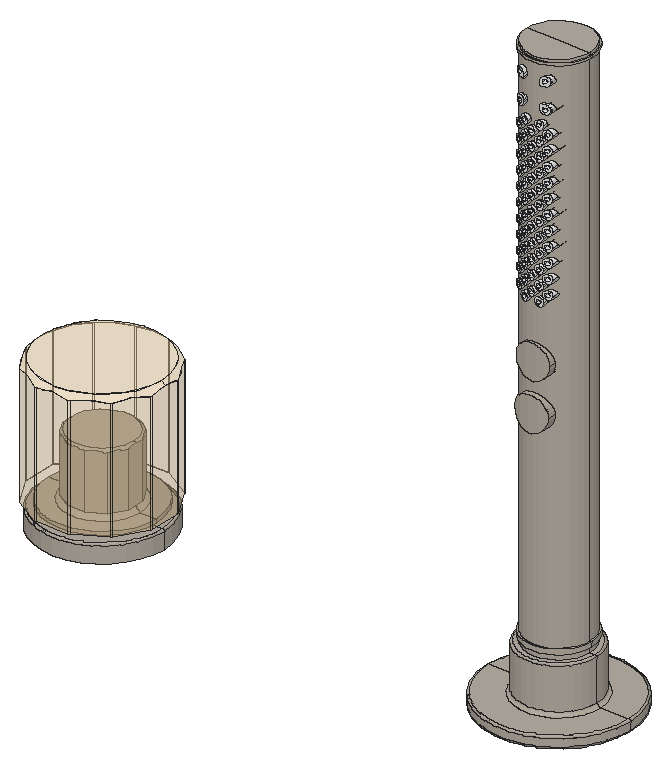
Revit family "Shower-Handshower_Kit-KOHLER-COMPOSED-K-73085T", category Plumbing Fixtures, host Face, Revit 2017 (continued)
Definition of nested family "K-73085T_Shower"
  Lines and regions (in)
    symbolic lines, detail levels medium+fine
      curve 260: arc (0.18855, 0, 7.25904) -> (0.25879, 0, 7.1888) -> (0.32903, 0, 7.25904) r 0.07024
      curve 261: arc (-0.18928, 0, 7.25904) -> (-0.25879, 0, 7.32855) -> (-0.3283, 0, 7.25904) r 0.06951
      curve 262: arc (-0.3283, 0, 7.25904) -> (-0.25879, 0, 7.18954) -> (-0.18928, 0, 7.25904) r 0.06951
      curve 263: arc (0.07087, 0, 7.25904) -> (0, 0, 7.32991) -> (-0.07087, 0, 7.25904) r 0.07087
      curve 264: arc (-0.07087, 0, 7.25904) -> (0, 0, 7.18818) -> (0.07087, 0, 7.25904) r 0.07087
      curve 265: arc (0.2012, 0, 7.13277) -> (0.13033, 0, 7.20364) -> (0.05946, 0, 7.13277) r 0.07087
      curve 266: arc (0.05946, 0, 7.13277) -> (0.13033, 0, 7.06191) -> (0.2012, 0, 7.13277) r 0.07087
      curve 267: arc (-0.0578, 0, 7.13277) -> (-0.13033, 0, 7.2053) -> (-0.20286, 0, 7.13277) r 0.07253
      curve 268: arc (-0.20286, 0, 7.13277) -> (-0.13033, 0, 7.06025) -> (-0.0578, 0, 7.13277) r 0.07253
      curve 269: arc (0.32965, 0, 7.0065) -> (0.25879, 0, 7.07737) -> (0.18792, 0, 7.0065) r 0.07087
      curve 270: arc (0.18792, 0, 7.0065) -> (0.25879, 0, 6.93563) -> (0.32965, 0, 7.0065) r 0.07087
      curve 271: arc (0.07142, 0, 7.0065) -> (0, 0, 7.07792) -> (-0.07142, 0, 7.0065) r 0.07142
      curve 272: arc (-0.07142, 0, 7.0065) -> (0, 0, 6.93508) -> (0.07142, 0, 7.0065) r 0.07142
      curve 273: arc (-0.18928, 0, 7.0065) -> (-0.25879, 0, 7.07601) -> (-0.3283, 0, 7.0065) r 0.06951
      curve 274: arc (-0.3283, 0, 7.0065) -> (-0.25879, 0, 6.93699) -> (-0.18928, 0, 7.0065) r 0.06951
      curve 275: arc (-0.05872, 0, 6.88023) -> (-0.13033, 0, 6.95183) -> (-0.20194, 0, 6.88023) r 0.07161
      curve 276: arc (-0.20194, 0, 6.88023) -> (-0.13033, 0, 6.80862) -> (-0.05872, 0, 6.88023) r 0.07161
      curve 277: arc (0.2012, 0, 6.88023) -> (0.13033, 0, 6.95109) -> (0.05946, 0, 6.88023) r 0.07087
      curve 278: arc (0.05946, 0, 6.88023) -> (0.13033, 0, 6.80936) -> (0.2012, 0, 6.88023) r 0.07087
      curve 279: arc (0.18855, 0, 6.75396) -> (0.25879, 0, 6.68372) -> (0.32903, 0, 6.75396) r 0.07024
      curve 280: arc (0.32903, 0, 6.75396) -> (0.25879, 0, 6.82419) -> (0.18855, 0, 6.75396) r 0.07024
      curve 281: arc (0.2012, 0, 6.62768) -> (0.13033, 0, 6.69855) -> (0.05946, 0, 6.62768) r 0.07087
      curve 282: arc (0.05946, 0, 6.62768) -> (0.13033, 0, 6.55682) -> (0.2012, 0, 6.62768) r 0.07087
      curve 283: arc (-0.07087, 0, 6.75396) -> (0, 0, 6.68309) -> (0.07087, 0, 6.75396) r 0.07087
      curve 284: arc (0.07087, 0, 6.75396) -> (0, 0, 6.82482) -> (-0.07087, 0, 6.75396) r 0.07087
      curve 285: arc (-0.3283, 0, 6.75396) -> (-0.25879, 0, 6.68445) -> (-0.18928, 0, 6.75396) r 0.06951
      curve 286: arc (-0.2012, 0, 6.62768) -> (-0.13033, 0, 6.55682) -> (-0.05946, 0, 6.62768) r 0.07087
      curve 287: arc (-0.18928, 0, 6.75396) -> (-0.25879, 0, 6.82346) -> (-0.3283, 0, 6.75396) r 0.06951
      curve 288: arc (-0.05946, 0, 6.62768) -> (-0.13033, 0, 6.69855) -> (-0.2012, 0, 6.62768) r 0.07087
      curve 289: arc (0.07142, 0, 7.76413) -> (0, 0, 7.83556) -> (-0.07142, 0, 7.76413) r 0.07142
      curve 290: arc (-0.07142, 0, 7.76413) -> (0, 0, 7.69271) -> (0.07142, 0, 7.76413) r 0.07142
      curve 291: arc (-0.07142, 0, 8.52176) -> (0, 0, 8.45034) -> (0.07142, 0, 8.52176) r 0.07142
      curve 292: arc (0.07142, 0, 8.52176) -> (0, 0, 8.59319) -> (-0.07142, 0, 8.52176) r 0.07142
      curve 293: arc (0.32903, 0, 8.52176) -> (0.25879, 0, 8.592) -> (0.18855, 0, 8.52176) r 0.07024
      curve 294: arc (0.18855, 0, 8.52176) -> (0.25879, 0, 8.45153) -> (0.32903, 0, 8.52176) r 0.07024
      curve 295: arc (0.05946, 0, 8.90058) -> (0.13033, 0, 8.82972) -> (0.2012, 0, 8.90058) r 0.07087
      curve 296: arc (0.2012, 0, 8.90058) -> (0.13033, 0, 8.97145) -> (0.05946, 0, 8.90058) r 0.07087
      curve 297: arc (-0.20286, 0, 9.15313) -> (-0.13033, 0, 9.0806) -> (-0.0578, 0, 9.15313) r 0.07253
      curve 298: spline (0, -0.59869, 9.40571) -> (0, -0.59833, 9.41624) -> (0, -0.59739, 9.42601) -> (0, -0.59594, 9.43437) -> (0, -0.59406, 9.44077) -> (0, -0.59188, 9.44478) -> (0, -0.58956, 9.44614) -> (0, -0.58723, 9.44477) -> (0, -0.58506, 9.44075) -> (0, -0.58318, 9.43435) -> (0, -0.58173, 9.42599) -> (0, -0.58079, 9.41622) -> (0, -0.58043, 9.40568)
      curve 299: spline (0, -0.58043, 9.40568) -> (0, -0.58085, 9.39514) -> (0, -0.58184, 9.38536) -> (0, -0.58334, 9.37699) -> (0, -0.58525, 9.37058) -> (0, -0.58745, 9.36656) -> (0, -0.58979, 9.36519) -> (0, -0.59211, 9.36657) -> (0, -0.59426, 9.37059) -> (0, -0.5961, 9.37701) -> (0, -0.59751, 9.38538) -> (0, -0.5984, 9.39517) -> (0, -0.59869, 9.40571)
      curve 300: spline (0, -0.58662, 9.47744) -> (0, -0.58459, 9.47646) -> (0, -0.58259, 9.47434) -> (0, -0.58065, 9.47112) -> (0, -0.57881, 9.46685) -> (0, -0.5771, 9.46159) -> (0, -0.57553, 9.45542) -> (0, -0.57415, 9.44845) -> (0, -0.57295, 9.44077) -> (0, -0.57198, 9.43252) -> (0, -0.57124, 9.42383) -> (0, -0.57073, 9.41481) -> (0, -0.57048, 9.40563)
      curve 301: spline (0, -0.57048, 9.40563) -> (0, -0.57111, 9.38773) -> (0, -0.57268, 9.37103) -> (0, -0.5751, 9.35652) -> (0, -0.57822, 9.3451) -> (0, -0.58186, 9.33744) -> (0, -0.5858, 9.33401) -> (0, -0.58979, 9.33502) -> (0, -0.5936, 9.34041) -> (0, -0.597, 9.34984) -> (0, -0.59977, 9.36276) -> (0, -0.60177, 9.37838) -> (0, -0.60285, 9.39576)
      curve 302: spline (0, -0.57518, 9.27933) -> (0, -0.57379, 9.29793) -> (0, -0.57054, 9.31499) -> (0, -0.56564, 9.32946) -> (0, -0.55937, 9.34048) -> (0, -0.55212, 9.34737) -> (0, -0.54432, 9.34971) -> (0, -0.53646, 9.34737) -> (0, -0.52899, 9.34049) -> (0, -0.52239, 9.32948) -> (0, -0.51704, 9.31501) -> (0, -0.51327, 9.29796) -> (0, -0.5113, 9.27935)
      curve 303: spline (0, -0.5113, 9.27935) -> (0, -0.51297, 9.26078) -> (0, -0.51646, 9.24376) -> (0, -0.52157, 9.22932) -> (0, -0.52799, 9.21833) -> (0, -0.53533, 9.21147) -> (0, -0.54315, 9.20913) -> (0, -0.55097, 9.21146) -> (0, -0.55833, 9.21832) -> (0, -0.56478, 9.2293) -> (0, -0.56993, 9.24374) -> (0, -0.57346, 9.26075) -> (0, -0.57518, 9.27933)
      curve 304: spline (0, -0.56477, 9.27942) -> (0, -0.56376, 9.29021) -> (0, -0.5617, 9.30009) -> (0, -0.55871, 9.30848) -> (0, -0.55497, 9.31486) -> (0, -0.55071, 9.31885) -> (0, -0.54618, 9.32021) -> (0, -0.54166, 9.31885) -> (0, -0.53743, 9.31486) -> (0, -0.53373, 9.30848) -> (0, -0.5308, 9.30009) -> (0, -0.5288, 9.2902) -> (0, -0.52786, 9.27941)
      curve 305: spline (0, -0.52786, 9.27941) -> (0, -0.52896, 9.26861) -> (0, -0.5311, 9.25872) -> (0, -0.53416, 9.25032) -> (0, -0.53795, 9.24393) -> (0, -0.54225, 9.23993) -> (0, -0.54679, 9.23857) -> (0, -0.55129, 9.23993) -> (0, -0.5555, 9.24393) -> (0, -0.55915, 9.25032) -> (0, -0.56201, 9.25872) -> (0, -0.56393, 9.26862) -> (0, -0.56477, 9.27942)
      curve 306: line (0, -0.54456, 9.34971) -> (0, -0.48778, 9.34971)
      curve 307: line (0, -0.54315, 9.20913) -> (0, -0.48778, 9.20913)
      curve 308: arc (0, -0.48778, 9.34971) -> (0, -0.44302, 9.27942) -> (0, -0.48778, 9.20913) r 0.07757
      curve 309: arc (0, -0.60634, 9.35001) -> (0, -0.60139, 9.28056) -> (0, -0.60634, 9.21111) r 0.48882
      curve 310: line (0, -0.53427, 9.47636) -> (0, -0.56794, 9.47636)
      curve 311: arc (0, -0.53427, 9.47636) -> (0, -0.51343, 9.41426) -> (0, -0.52452, 9.34971) r 0.13397
      curve 312: line (0, -0.5869, 9.33384) -> (0, -0.55118, 9.34827)
      curve 313: spline (0, -0.59869, 9.15312) -> (0, -0.59833, 9.14259) -> (0, -0.59739, 9.13282) -> (0, -0.59594, 9.12446) -> (0, -0.59406, 9.11807) -> (0, -0.59188, 9.11405) -> (0, -0.58956, 9.11269) -> (0, -0.58723, 9.11406) -> (0, -0.58506, 9.11808) -> (0, -0.58318, 9.12449) -> (0, -0.58173, 9.13285) -> (0, -0.58079, 9.14262) -> (0, -0.58043, 9.15315)
      curve 314: spline (0, -0.58043, 9.15315) -> (0, -0.58085, 9.16369) -> (0, -0.58184, 9.17348) -> (0, -0.58334, 9.18185) -> (0, -0.58525, 9.18825) -> (0, -0.58745, 9.19228) -> (0, -0.58979, 9.19364) -> (0, -0.59211, 9.19227) -> (0, -0.59426, 9.18824) -> (0, -0.5961, 9.18183) -> (0, -0.59751, 9.17345) -> (0, -0.5984, 9.16367) -> (0, -0.59869, 9.15312)
      curve 315: spline (0, -0.60243, 9.13249) -> (0, -0.60098, 9.11684) -> (0, -0.59876, 9.10328) -> (0, -0.59588, 9.09252) -> (0, -0.59251, 9.08517) -> (0, -0.58882, 9.08162) -> (0, -0.58501, 9.08207) -> (0, -0.5813, 9.08649) -> (0, -0.57789, 9.09465) -> (0, -0.57496, 9.10608) -> (0, -0.57268, 9.12019) -> (0, -0.57116, 9.13618) -> (0, -0.57048, 9.1532)
      curve 316: spline (0, -0.57048, 9.1532) -> (0, -0.57111, 9.1711) -> (0, -0.57268, 9.18781) -> (0, -0.5751, 9.20231) -> (0, -0.57822, 9.21374) -> (0, -0.58186, 9.2214) -> (0, -0.5858, 9.22483) -> (0, -0.58979, 9.22382) -> (0, -0.5936, 9.21843) -> (0, -0.597, 9.20899) -> (0, -0.59977, 9.19607) -> (0, -0.60177, 9.18045) -> (0, -0.60285, 9.16307)
      curve 317: arc (0, -0.52609, 9.09717) -> (0, -0.51305, 9.15298) -> (0, -0.52452, 9.20913) r 0.13397
      curve 318: line (0, -0.5869, 9.22499) -> (0, -0.55118, 9.21056)
      curve 319: spline (0, -0.59869, 8.90059) -> (0, -0.59833, 8.89006) -> (0, -0.59739, 8.88029) -> (0, -0.59594, 8.87193) -> (0, -0.59406, 8.86554) -> (0, -0.59188, 8.86152) -> (0, -0.58956, 8.86016) -> (0, -0.58723, 8.86153) -> (0, -0.58506, 8.86555) -> (0, -0.58318, 8.87195) -> (0, -0.58173, 8.88031) -> (0, -0.58079, 8.89008) -> (0, -0.58043, 8.90062)
      curve 320: spline (0, -0.58043, 8.90062) -> (0, -0.58085, 8.91116) -> (0, -0.58184, 8.92094) -> (0, -0.58334, 8.92931) -> (0, -0.58525, 8.93572) -> (0, -0.58745, 8.93974) -> (0, -0.58979, 8.94111) -> (0, -0.59211, 8.93974) -> (0, -0.59426, 8.93571) -> (0, -0.5961, 8.92929) -> (0, -0.59751, 8.92092) -> (0, -0.5984, 8.91113) -> (0, -0.59869, 8.90059)
      curve 321: spline (0, -0.60243, 8.87991) -> (0, -0.60098, 8.86428) -> (0, -0.59875, 8.85071) -> (0, -0.59587, 8.83997) -> (0, -0.5925, 8.83263) -> (0, -0.58881, 8.82909) -> (0, -0.58501, 8.82954) -> (0, -0.5813, 8.83397) -> (0, -0.57789, 8.84212) -> (0, -0.57496, 8.85356) -> (0, -0.57267, 8.86766) -> (0, -0.57116, 8.88365) -> (0, -0.57048, 8.90067)
      curve 322: spline (0, -0.57048, 8.90067) -> (0, -0.57111, 8.91857) -> (0, -0.57268, 8.93528) -> (0, -0.5751, 8.94978) -> (0, -0.57822, 8.96121) -> (0, -0.58186, 8.96886) -> (0, -0.5858, 8.97229) -> (0, -0.58979, 8.97128) -> (0, -0.5936, 8.9659) -> (0, -0.597, 8.95646) -> (0, -0.59977, 8.94354) -> (0, -0.60177, 8.92792) -> (0, -0.60285, 8.91054)
      curve 323: spline (0, -0.57518, 9.02698) -> (0, -0.57379, 9.00837) -> (0, -0.57054, 8.99131) -> (0, -0.56564, 8.97684) -> (0, -0.55937, 8.96582) -> (0, -0.55212, 8.95893) -> (0, -0.54432, 8.95659) -> (0, -0.53646, 8.95893) -> (0, -0.52899, 8.96581) -> (0, -0.52239, 8.97682) -> (0, -0.51704, 8.99129) -> (0, -0.51327, 9.00834) -> (0, -0.5113, 9.02695)
      curve 324: spline (0, -0.5113, 9.02695) -> (0, -0.51297, 9.04552) -> (0, -0.51646, 9.06254) -> (0, -0.52157, 9.07698) -> (0, -0.52799, 9.08797) -> (0, -0.53533, 9.09484) -> (0, -0.54315, 9.09717) -> (0, -0.55097, 9.09484) -> (0, -0.55833, 9.08798) -> (0, -0.56478, 9.077) -> (0, -0.56993, 9.06257) -> (0, -0.57346, 9.04555) -> (0, -0.57518, 9.02698)
      curve 325: spline (0, -0.56477, 9.02688) -> (0, -0.56376, 9.0161) -> (0, -0.5617, 9.00621) -> (0, -0.55871, 8.99782) -> (0, -0.55497, 8.99144) -> (0, -0.55071, 8.98745) -> (0, -0.54618, 8.98609) -> (0, -0.54166, 8.98745) -> (0, -0.53743, 8.99144) -> (0, -0.53373, 8.99782) -> (0, -0.5308, 9.00621) -> (0, -0.5288, 9.0161) -> (0, -0.52786, 9.02689)
      curve 326: spline (0, -0.52786, 9.02689) -> (0, -0.52896, 9.03769) -> (0, -0.5311, 9.04758) -> (0, -0.53416, 9.05598) -> (0, -0.53795, 9.06237) -> (0, -0.54225, 9.06637) -> (0, -0.54679, 9.06773) -> (0, -0.55129, 9.06637) -> (0, -0.5555, 9.06237) -> (0, -0.55915, 9.05598) -> (0, -0.56201, 9.04758) -> (0, -0.56393, 9.03768) -> (0, -0.56477, 9.02688)
      curve 327: line (0, -0.54456, 8.95659) -> (0, -0.48778, 8.95659)
      curve 328: line (0, -0.54315, 9.09717) -> (0, -0.48778, 9.09717)
      curve 329: arc (0, -0.48778, 8.95659) -> (0, -0.44302, 9.02688) -> (0, -0.48778, 9.09717) r 0.07757
      curve 330: arc (0, -0.60634, 8.95629) -> (0, -0.60139, 9.02574) -> (0, -0.60634, 9.09519) r 0.48882
      curve 331: arc (0, -0.52608, 8.84465) -> (0, -0.51305, 8.90045) -> (0, -0.52452, 8.95659) r 0.13397
      curve 332: line (0, -0.5869, 8.97246) -> (0, -0.55118, 8.95803)
      curve 333: line (0, -0.58737, 9.08132) -> (0, -0.55362, 9.09294)
      curve 334: spline (0, -0.59869, 8.39552) -> (0, -0.59833, 8.38499) -> (0, -0.59739, 8.37522) -> (0, -0.59594, 8.36687) -> (0, -0.59406, 8.36047) -> (0, -0.59188, 8.35646) -> (0, -0.58956, 8.35509) -> (0, -0.58723, 8.35646) -> (0, -0.58506, 8.36048) -> (0, -0.58318, 8.36689) -> (0, -0.58173, 8.37525) -> (0, -0.58079, 8.38502) -> (0, -0.58043, 8.39555)
      curve 335: spline (0, -0.58043, 8.39555) -> (0, -0.58085, 8.4061) -> (0, -0.58184, 8.41588) -> (0, -0.58334, 8.42425) -> (0, -0.58525, 8.43066) -> (0, -0.58745, 8.43468) -> (0, -0.58979, 8.43605) -> (0, -0.59211, 8.43467) -> (0, -0.59426, 8.43064) -> (0, -0.5961, 8.42423) -> (0, -0.59751, 8.41585) -> (0, -0.5984, 8.40607) -> (0, -0.59869, 8.39552)
      curve 336: spline (0, -0.60225, 8.37216) -> (0, -0.60069, 8.35701) -> (0, -0.59839, 8.34399) -> (0, -0.59548, 8.3338) -> (0, -0.59211, 8.32698) -> (0, -0.58845, 8.32389) -> (0, -0.5847, 8.32469) -> (0, -0.58105, 8.32935) -> (0, -0.57771, 8.3376) -> (0, -0.57485, 8.34903) -> (0, -0.57262, 8.36301) -> (0, -0.57114, 8.37882) -> (0, -0.57048, 8.3956)
      curve 337: spline (0, -0.57048, 8.3956) -> (0, -0.57111, 8.4135) -> (0, -0.57268, 8.43021) -> (0, -0.5751, 8.44471) -> (0, -0.57822, 8.45614) -> (0, -0.58186, 8.4638) -> (0, -0.5858, 8.46723) -> (0, -0.58979, 8.46622) -> (0, -0.5936, 8.46083) -> (0, -0.597, 8.45139) -> (0, -0.59977, 8.43847) -> (0, -0.60177, 8.42285) -> (0, -0.60285, 8.40548)
      curve 338: spline (0, -0.57518, 8.52191) -> (0, -0.57379, 8.5033) -> (0, -0.57054, 8.48625) -> (0, -0.56564, 8.47177) -> (0, -0.55937, 8.46076) -> (0, -0.55212, 8.45387) -> (0, -0.54432, 8.45152) -> (0, -0.53646, 8.45386) -> (0, -0.52899, 8.46074) -> (0, -0.52239, 8.47175) -> (0, -0.51704, 8.48622) -> (0, -0.51327, 8.50328) -> (0, -0.5113, 8.52188)
      curve 339: spline (0, -0.5113, 8.52188) -> (0, -0.51297, 8.54046) -> (0, -0.51646, 8.55748) -> (0, -0.52157, 8.57192) -> (0, -0.52799, 8.5829) -> (0, -0.53533, 8.58977) -> (0, -0.54315, 8.59211) -> (0, -0.55097, 8.58978) -> (0, -0.55833, 8.58291) -> (0, -0.56478, 8.57193) -> (0, -0.56993, 8.5575) -> (0, -0.57346, 8.54048) -> (0, -0.57518, 8.52191)
      curve 340: spline (0, -0.56477, 8.52182) -> (0, -0.56376, 8.51103) -> (0, -0.5617, 8.50114) -> (0, -0.55871, 8.49276) -> (0, -0.55497, 8.48637) -> (0, -0.55071, 8.48238) -> (0, -0.54618, 8.48103) -> (0, -0.54166, 8.48238) -> (0, -0.53743, 8.48638) -> (0, -0.53373, 8.49276) -> (0, -0.5308, 8.50115) -> (0, -0.5288, 8.51104) -> (0, -0.52786, 8.52182)
      curve 341: spline (0, -0.52786, 8.52182) -> (0, -0.52896, 8.53262) -> (0, -0.5311, 8.54252) -> (0, -0.53416, 8.55092) -> (0, -0.53795, 8.55731) -> (0, -0.54225, 8.5613) -> (0, -0.54679, 8.56266) -> (0, -0.55129, 8.5613) -> (0, -0.5555, 8.55731) -> (0, -0.55915, 8.55091) -> (0, -0.56201, 8.54252) -> (0, -0.56393, 8.53262) -> (0, -0.56477, 8.52182)
      curve 342: line (0, -0.54456, 8.45152) -> (0, -0.48778, 8.45152)
      curve 343: line (0, -0.54315, 8.59211) -> (0, -0.48778, 8.59211)
      curve 344: arc (0, -0.48778, 8.45152) -> (0, -0.44302, 8.52182) -> (0, -0.48778, 8.59211) r 0.07757
      curve 345: arc (0, -0.60634, 8.45123) -> (0, -0.60139, 8.52068) -> (0, -0.60634, 8.59012) r 0.48882
      curve 346: arc (0, -0.52608, 8.33958) -> (0, -0.51305, 8.39538) -> (0, -0.52452, 8.45152) r 0.13397
      curve 347: line (0, -0.5869, 8.46739) -> (0, -0.55118, 8.45296)
      curve 348: spline (0, -0.59869, 8.64811) -> (0, -0.59833, 8.65865) -> (0, -0.59739, 8.66841) -> (0, -0.59594, 8.67677) -> (0, -0.59406, 8.68317) -> (0, -0.59188, 8.68718) -> (0, -0.58956, 8.68855) -> (0, -0.58723, 8.68717) -> (0, -0.58506, 8.68315) -> (0, -0.58318, 8.67675) -> (0, -0.58173, 8.66839) -> (0, -0.58079, 8.65862) -> (0, -0.58043, 8.64809)
      curve 349: spline (0, -0.58043, 8.64809) -> (0, -0.58085, 8.63754) -> (0, -0.58184, 8.62776) -> (0, -0.58334, 8.61939) -> (0, -0.58525, 8.61298) -> (0, -0.58745, 8.60896) -> (0, -0.58979, 8.60759) -> (0, -0.59211, 8.60897) -> (0, -0.59426, 8.613) -> (0, -0.5961, 8.61941) -> (0, -0.59751, 8.62779) -> (0, -0.5984, 8.63757) -> (0, -0.59869, 8.64811)
      curve 350: spline (0, -0.60243, 8.66875) -> (0, -0.60098, 8.68439) -> (0, -0.59876, 8.69796) -> (0, -0.59588, 8.70871) -> (0, -0.59251, 8.71606) -> (0, -0.58882, 8.71961) -> (0, -0.58501, 8.71916) -> (0, -0.5813, 8.71474) -> (0, -0.57789, 8.70659) -> (0, -0.57496, 8.69515) -> (0, -0.57268, 8.68105) -> (0, -0.57116, 8.66505) -> (0, -0.57048, 8.64803)
      curve 351: spline (0, -0.57048, 8.64803) -> (0, -0.57111, 8.63013) -> (0, -0.57268, 8.61343) -> (0, -0.5751, 8.59892) -> (0, -0.57822, 8.5875) -> (0, -0.58186, 8.57984) -> (0, -0.5858, 8.57641) -> (0, -0.58979, 8.57742) -> (0, -0.5936, 8.58281) -> (0, -0.597, 8.59225) -> (0, -0.59977, 8.60516) -> (0, -0.60177, 8.62078) -> (0, -0.60285, 8.63816)
      curve 352: arc (0, -0.52609, 8.70406) -> (0, -0.51305, 8.64826) -> (0, -0.52452, 8.59211) r 0.13397
      curve 353: line (0, -0.5869, 8.57624) -> (0, -0.55118, 8.59067)
      curve 354: spline (0, -0.57518, 8.77426) -> (0, -0.57379, 8.79287) -> (0, -0.57054, 8.80992) -> (0, -0.56564, 8.8244) -> (0, -0.55937, 8.83541) -> (0, -0.55212, 8.8423) -> (0, -0.54432, 8.84465) -> (0, -0.53646, 8.84231) -> (0, -0.52899, 8.83543) -> (0, -0.52239, 8.82442) -> (0, -0.51704, 8.80995) -> (0, -0.51327, 8.79289) -> (0, -0.5113, 8.77429)
      curve 355: spline (0, -0.5113, 8.77429) -> (0, -0.51297, 8.75571) -> (0, -0.51646, 8.73869) -> (0, -0.52157, 8.72425) -> (0, -0.52799, 8.71327) -> (0, -0.53533, 8.7064) -> (0, -0.54315, 8.70406) -> (0, -0.55097, 8.70639) -> (0, -0.55833, 8.71326) -> (0, -0.56478, 8.72424) -> (0, -0.56993, 8.73867) -> (0, -0.57346, 8.75569) -> (0, -0.57518, 8.77426)
      curve 356: spline (0, -0.56477, 8.77435) -> (0, -0.56376, 8.78514) -> (0, -0.5617, 8.79503) -> (0, -0.55871, 8.80341) -> (0, -0.55497, 8.8098) -> (0, -0.55071, 8.81379) -> (0, -0.54618, 8.81514) -> (0, -0.54166, 8.81379) -> (0, -0.53743, 8.80979) -> (0, -0.53373, 8.80341) -> (0, -0.5308, 8.79502) -> (0, -0.5288, 8.78514) -> (0, -0.52786, 8.77435)
      curve 357: spline (0, -0.52786, 8.77435) -> (0, -0.52896, 8.76355) -> (0, -0.5311, 8.75365) -> (0, -0.53416, 8.74525) -> (0, -0.53795, 8.73886) -> (0, -0.54225, 8.73487) -> (0, -0.54679, 8.73351) -> (0, -0.55129, 8.73487) -> (0, -0.5555, 8.73886) -> (0, -0.55915, 8.74526) -> (0, -0.56201, 8.75365) -> (0, -0.56393, 8.76355) -> (0, -0.56477, 8.77435)
      curve 358: line (0, -0.54456, 8.84465) -> (0, -0.48778, 8.84465)
      curve 359: line (0, -0.54315, 8.70406) -> (0, -0.48778, 8.70406)
      curve 360: arc (0, -0.48778, 8.84465) -> (0, -0.44302, 8.77435) -> (0, -0.48778, 8.70406) r 0.07757
      curve 361: arc (0, -0.60634, 8.84494) -> (0, -0.60139, 8.7755) -> (0, -0.60634, 8.70605) r 0.48882
      curve 362: line (0, -0.58502, 8.82954) -> (0, -0.55118, 8.84321)
      curve 363: line (0, -0.58737, 8.71992) -> (0, -0.55362, 8.7083)
      curve 364: spline (0, -0.59869, 7.38539) -> (0, -0.59833, 7.37486) -> (0, -0.59739, 7.36509) -> (0, -0.59594, 7.35674) -> (0, -0.59406, 7.35034) -> (0, -0.59188, 7.34633) -> (0, -0.58956, 7.34496) -> (0, -0.58723, 7.34633) -> (0, -0.58506, 7.35035) -> (0, -0.58318, 7.35676) -> (0, -0.58173, 7.36512) -> (0, -0.58079, 7.37489) -> (0, -0.58043, 7.38542)
      curve 365: spline (0, -0.58043, 7.38542) -> (0, -0.58085, 7.39597) -> (0, -0.58184, 7.40575) -> (0, -0.58334, 7.41412) -> (0, -0.58525, 7.42053) -> (0, -0.58745, 7.42455) -> (0, -0.58979, 7.42592) -> (0, -0.59211, 7.42454) -> (0, -0.59426, 7.42051) -> (0, -0.5961, 7.4141) -> (0, -0.59751, 7.40572) -> (0, -0.5984, 7.39594) -> (0, -0.59869, 7.38539)
      curve 366: spline (0, -0.6013, 7.35175) -> (0, -0.59937, 7.33864) -> (0, -0.59685, 7.32783) -> (0, -0.59384, 7.31982) -> (0, -0.59051, 7.31501) -> (0, -0.58699, 7.31361) -> (0, -0.58346, 7.31569) -> (0, -0.58009, 7.32116) -> (0, -0.57703, 7.32975) -> (0, -0.57444, 7.34106) -> (0, -0.57242, 7.35456) -> (0, -0.57108, 7.3696) -> (0, -0.57048, 7.38547)
      curve 367: spline (0, -0.57048, 7.38547) -> (0, -0.57111, 7.40337) -> (0, -0.57268, 7.42008) -> (0, -0.5751, 7.43458) -> (0, -0.57822, 7.44601) -> (0, -0.58186, 7.45367) -> (0, -0.5858, 7.4571) -> (0, -0.58979, 7.45609) -> (0, -0.5936, 7.4507) -> (0, -0.597, 7.44126) -> (0, -0.59977, 7.42834) -> (0, -0.60177, 7.41272) -> (0, -0.60285, 7.39534)
      curve 368: spline (0, -0.57518, 7.51178) -> (0, -0.57379, 7.49317) -> (0, -0.57054, 7.47612) -> (0, -0.56564, 7.46164) -> (0, -0.55937, 7.45063) -> (0, -0.55212, 7.44374) -> (0, -0.54432, 7.44139) -> (0, -0.53646, 7.44373) -> (0, -0.52899, 7.45061) -> (0, -0.52239, 7.46162) -> (0, -0.51704, 7.47609) -> (0, -0.51327, 7.49315) -> (0, -0.5113, 7.51175)
      curve 369: spline (0, -0.5113, 7.51175) -> (0, -0.51297, 7.53033) -> (0, -0.51646, 7.54735) -> (0, -0.52157, 7.56179) -> (0, -0.52799, 7.57277) -> (0, -0.53533, 7.57964) -> (0, -0.54315, 7.58198) -> (0, -0.55097, 7.57965) -> (0, -0.55833, 7.57278) -> (0, -0.56478, 7.5618) -> (0, -0.56993, 7.54737) -> (0, -0.57346, 7.53035) -> (0, -0.57518, 7.51178)
      curve 370: spline (0, -0.56477, 7.51169) -> (0, -0.56376, 7.5009) -> (0, -0.5617, 7.49101) -> (0, -0.55871, 7.48263) -> (0, -0.55497, 7.47624) -> (0, -0.55071, 7.47225) -> (0, -0.54618, 7.4709) -> (0, -0.54166, 7.47225) -> (0, -0.53743, 7.47625) -> (0, -0.53373, 7.48263) -> (0, -0.5308, 7.49102) -> (0, -0.5288, 7.5009) -> (0, -0.52786, 7.51169)
      curve 371: spline (0, -0.52786, 7.51169) -> (0, -0.52896, 7.52249) -> (0, -0.5311, 7.53239) -> (0, -0.53416, 7.54079) -> (0, -0.53795, 7.54718) -> (0, -0.54225, 7.55117) -> (0, -0.54679, 7.55253) -> (0, -0.55129, 7.55117) -> (0, -0.5555, 7.54718) -> (0, -0.55915, 7.54078) -> (0, -0.56201, 7.53239) -> (0, -0.56393, 7.52249) -> (0, -0.56477, 7.51169)
      curve 372: line (0, -0.54456, 7.44139) -> (0, -0.48778, 7.44139)
      curve 373: line (0, -0.54315, 7.58198) -> (0, -0.48778, 7.58198)
      curve 374: arc (0, -0.48778, 7.44139) -> (0, -0.44302, 7.51169) -> (0, -0.48778, 7.58198) r 0.07757
      curve 375: arc (0, -0.60634, 7.4411) -> (0, -0.60139, 7.51054) -> (0, -0.60634, 7.57999) r 0.48882
      curve 376: arc (0, -0.52604, 7.32955) -> (0, -0.51305, 7.38531) -> (0, -0.52452, 7.44139) r 0.13397
      curve 377: line (0, -0.5869, 7.45726) -> (0, -0.55118, 7.44283)
      curve 378: spline (0, -0.59869, 7.63798) -> (0, -0.59833, 7.64852) -> (0, -0.59739, 7.65828) -> (0, -0.59594, 7.66664) -> (0, -0.59406, 7.67304) -> (0, -0.59188, 7.67705) -> (0, -0.58956, 7.67842) -> (0, -0.58723, 7.67704) -> (0, -0.58506, 7.67302) -> (0, -0.58318, 7.66662) -> (0, -0.58173, 7.65826) -> (0, -0.58079, 7.64849) -> (0, -0.58043, 7.63795)
      curve 379: spline (0, -0.58043, 7.63795) -> (0, -0.58085, 7.62741) -> (0, -0.58184, 7.61763) -> (0, -0.58334, 7.60926) -> (0, -0.58525, 7.60285) -> (0, -0.58745, 7.59883) -> (0, -0.58979, 7.59746) -> (0, -0.59211, 7.59884) -> (0, -0.59426, 7.60286) -> (0, -0.5961, 7.60928) -> (0, -0.59751, 7.61765) -> (0, -0.5984, 7.62744) -> (0, -0.59869, 7.63798)
      curve 380: spline (0, -0.60243, 7.65861) -> (0, -0.60098, 7.67426) -> (0, -0.59876, 7.68783) -> (0, -0.59588, 7.69858) -> (0, -0.59251, 7.70593) -> (0, -0.58882, 7.70948) -> (0, -0.58501, 7.70903) -> (0, -0.5813, 7.70461) -> (0, -0.57789, 7.69646) -> (0, -0.57496, 7.68502) -> (0, -0.57268, 7.67092) -> (0, -0.57116, 7.65492) -> (0, -0.57048, 7.6379)
      curve 381: spline (0, -0.57048, 7.6379) -> (0, -0.57111, 7.62) -> (0, -0.57268, 7.6033) -> (0, -0.5751, 7.58879) -> (0, -0.57822, 7.57737) -> (0, -0.58186, 7.56971) -> (0, -0.5858, 7.56628) -> (0, -0.58979, 7.56729) -> (0, -0.5936, 7.57268) -> (0, -0.597, 7.58211) -> (0, -0.59977, 7.59503) -> (0, -0.60177, 7.61065) -> (0, -0.60285, 7.62803)
      curve 382: arc (0, -0.52609, 7.69393) -> (0, -0.51305, 7.63813) -> (0, -0.52452, 7.58198) r 0.13397
      curve 383: line (0, -0.5869, 7.56611) -> (0, -0.55118, 7.58054)
      curve 384: spline (0, -0.59869, 7.89052) -> (0, -0.59833, 7.90105) -> (0, -0.59739, 7.91082) -> (0, -0.59594, 7.91917) -> (0, -0.59406, 7.92557) -> (0, -0.59188, 7.92958) -> (0, -0.58956, 7.93095) -> (0, -0.58723, 7.92958) -> (0, -0.58506, 7.92556) -> (0, -0.58318, 7.91915) -> (0, -0.58173, 7.91079) -> (0, -0.58079, 7.90102) -> (0, -0.58043, 7.89049)
      curve 385: spline (0, -0.58043, 7.89049) -> (0, -0.58085, 7.87994) -> (0, -0.58184, 7.87016) -> (0, -0.58334, 7.86179) -> (0, -0.58525, 7.85538) -> (0, -0.58745, 7.85136) -> (0, -0.58979, 7.84999) -> (0, -0.59211, 7.85137) -> (0, -0.59426, 7.8554) -> (0, -0.5961, 7.86181) -> (0, -0.59751, 7.87019) -> (0, -0.5984, 7.87997) -> (0, -0.59869, 7.89052)
      curve 386: spline (0, -0.60243, 7.91119) -> (0, -0.60098, 7.92683) -> (0, -0.59875, 7.94039) -> (0, -0.59587, 7.95113) -> (0, -0.5925, 7.95848) -> (0, -0.58881, 7.96202) -> (0, -0.58501, 7.96156) -> (0, -0.5813, 7.95714) -> (0, -0.57789, 7.94898) -> (0, -0.57496, 7.93755) -> (0, -0.57267, 7.92345) -> (0, -0.57116, 7.90745) -> (0, -0.57048, 7.89044)
      curve 387: spline (0, -0.57048, 7.89044) -> (0, -0.57111, 7.87254) -> (0, -0.57268, 7.85583) -> (0, -0.5751, 7.84133) -> (0, -0.57822, 7.8299) -> (0, -0.58186, 7.82224) -> (0, -0.5858, 7.81881) -> (0, -0.58979, 7.81982) -> (0, -0.5936, 7.82521) -> (0, -0.597, 7.83465) -> (0, -0.59977, 7.84757) -> (0, -0.60177, 7.86319) -> (0, -0.60285, 7.88056)
      curve 388: spline (0, -0.57518, 7.76413) -> (0, -0.57379, 7.78274) -> (0, -0.57054, 7.79979) -> (0, -0.56564, 7.81427) -> (0, -0.55937, 7.82528) -> (0, -0.55212, 7.83217) -> (0, -0.54432, 7.83452) -> (0, -0.53646, 7.83218) -> (0, -0.52899, 7.8253) -> (0, -0.52239, 7.81429) -> (0, -0.51704, 7.79982) -> (0, -0.51327, 7.78276) -> (0, -0.5113, 7.76416)
      curve 389: spline (0, -0.5113, 7.76416) -> (0, -0.51297, 7.74558) -> (0, -0.51646, 7.72856) -> (0, -0.52157, 7.71412) -> (0, -0.52799, 7.70314) -> (0, -0.53533, 7.69627) -> (0, -0.54315, 7.69393) -> (0, -0.55097, 7.69626) -> (0, -0.55833, 7.70313) -> (0, -0.56478, 7.71411) -> (0, -0.56993, 7.72854) -> (0, -0.57346, 7.74556) -> (0, -0.57518, 7.76413)
      curve 390: spline (0, -0.56477, 7.76422) -> (0, -0.56376, 7.77501) -> (0, -0.5617, 7.7849) -> (0, -0.55871, 7.79328) -> (0, -0.55497, 7.79967) -> (0, -0.55071, 7.80366) -> (0, -0.54618, 7.80501) -> (0, -0.54166, 7.80365) -> (0, -0.53743, 7.79966) -> (0, -0.53373, 7.79328) -> (0, -0.5308, 7.78489) -> (0, -0.5288, 7.775) -> (0, -0.52786, 7.76422)
      curve 391: spline (0, -0.52786, 7.76422) -> (0, -0.52896, 7.75342) -> (0, -0.5311, 7.74352) -> (0, -0.53416, 7.73512) -> (0, -0.53795, 7.72873) -> (0, -0.54225, 7.72474) -> (0, -0.54679, 7.72338) -> (0, -0.55129, 7.72474) -> (0, -0.5555, 7.72873) -> (0, -0.55915, 7.73512) -> (0, -0.56201, 7.74352) -> (0, -0.56393, 7.75342) -> (0, -0.56477, 7.76422)
      curve 392: line (0, -0.54456, 7.83452) -> (0, -0.48778, 7.83452)
      curve 393: line (0, -0.54315, 7.69393) -> (0, -0.48778, 7.69393)
      curve 394: arc (0, -0.48778, 7.83452) -> (0, -0.44302, 7.76422) -> (0, -0.48778, 7.69393) r 0.07757
      curve 395: arc (0, -0.60634, 7.83481) -> (0, -0.60139, 7.76536) -> (0, -0.60634, 7.69592) r 0.48882
      curve 396: arc (0, -0.52608, 7.94646) -> (0, -0.51305, 7.89066) -> (0, -0.52452, 7.83452) r 0.13397
      curve 397: line (0, -0.5869, 7.81865) -> (0, -0.55118, 7.83308)
      curve 398: line (0, -0.58737, 7.70978) -> (0, -0.55362, 7.69817)
      curve 399: spline (0, -0.57518, 8.26919) -> (0, -0.57379, 8.2878) -> (0, -0.57054, 8.30486) -> (0, -0.56564, 8.31933) -> (0, -0.55937, 8.33035) -> (0, -0.55212, 8.33724) -> (0, -0.54432, 8.33958) -> (0, -0.53646, 8.33724) -> (0, -0.52899, 8.33036) -> (0, -0.52239, 8.31935) -> (0, -0.51704, 8.30488) -> (0, -0.51327, 8.28783) -> (0, -0.5113, 8.26922)
      curve 400: spline (0, -0.5113, 8.26922) -> (0, -0.51297, 8.25065) -> (0, -0.51646, 8.23363) -> (0, -0.52157, 8.21919) -> (0, -0.52799, 8.2082) -> (0, -0.53533, 8.20133) -> (0, -0.54315, 8.199) -> (0, -0.55097, 8.20133) -> (0, -0.55833, 8.20819) -> (0, -0.56478, 8.21917) -> (0, -0.56993, 8.23361) -> (0, -0.57346, 8.25062) -> (0, -0.57518, 8.26919)
      curve 401: spline (0, -0.56477, 8.26929) -> (0, -0.56376, 8.28007) -> (0, -0.5617, 8.28996) -> (0, -0.55871, 8.29835) -> (0, -0.55497, 8.30473) -> (0, -0.55071, 8.30872) -> (0, -0.54618, 8.31008) -> (0, -0.54166, 8.30872) -> (0, -0.53743, 8.30473) -> (0, -0.53373, 8.29835) -> (0, -0.5308, 8.28996) -> (0, -0.5288, 8.28007) -> (0, -0.52786, 8.26928)
      curve 402: spline (0, -0.52786, 8.26928) -> (0, -0.52896, 8.25848) -> (0, -0.5311, 8.24859) -> (0, -0.53416, 8.24019) -> (0, -0.53795, 8.2338) -> (0, -0.54225, 8.2298) -> (0, -0.54679, 8.22844) -> (0, -0.55129, 8.2298) -> (0, -0.5555, 8.2338) -> (0, -0.55915, 8.24019) -> (0, -0.56201, 8.24859) -> (0, -0.56393, 8.25849) -> (0, -0.56477, 8.26929)
      curve 403: line (0, -0.54456, 8.33958) -> (0, -0.48778, 8.33958)
      curve 404: line (0, -0.54315, 8.199) -> (0, -0.48778, 8.199)
      curve 405: arc (0, -0.48778, 8.33958) -> (0, -0.44302, 8.26929) -> (0, -0.48778, 8.199) r 0.07757
      curve 406: arc (0, -0.60634, 8.33988) -> (0, -0.60139, 8.27043) -> (0, -0.60634, 8.20098) r 0.48882
      curve 407: line (0, -0.58675, 8.32377) -> (0, -0.55118, 8.33814)
      curve 408: spline (0, -0.59869, 8.14299) -> (0, -0.59833, 8.13246) -> (0, -0.59739, 8.12269) -> (0, -0.59594, 8.11433) -> (0, -0.59406, 8.10794) -> (0, -0.59188, 8.10392) -> (0, -0.58956, 8.10256) -> (0, -0.58723, 8.10393) -> (0, -0.58506, 8.10795) -> (0, -0.58318, 8.11435) -> (0, -0.58173, 8.12272) -> (0, -0.58079, 8.13249) -> (0, -0.58043, 8.14302)
      curve 409: spline (0, -0.58043, 8.14302) -> (0, -0.58085, 8.15356) -> (0, -0.58184, 8.16335) -> (0, -0.58334, 8.17172) -> (0, -0.58525, 8.17812) -> (0, -0.58745, 8.18215) -> (0, -0.58979, 8.18351) -> (0, -0.59211, 8.18214) -> (0, -0.59426, 8.17811) -> (0, -0.5961, 8.1717) -> (0, -0.59751, 8.16332) -> (0, -0.5984, 8.15354) -> (0, -0.59869, 8.14299)
      curve 410: spline (0, -0.60243, 8.12236) -> (0, -0.60098, 8.10671) -> (0, -0.59876, 8.09314) -> (0, -0.59588, 8.08239) -> (0, -0.59251, 8.07504) -> (0, -0.58882, 8.07149) -> (0, -0.58501, 8.07194) -> (0, -0.5813, 8.07636) -> (0, -0.57789, 8.08451) -> (0, -0.57496, 8.09595) -> (0, -0.57268, 8.11006) -> (0, -0.57116, 8.12605) -> (0, -0.57048, 8.14307)
      curve 411: spline (0, -0.57048, 8.14307) -> (0, -0.57111, 8.16097) -> (0, -0.57268, 8.17768) -> (0, -0.5751, 8.19218) -> (0, -0.57822, 8.20361) -> (0, -0.58186, 8.21127) -> (0, -0.5858, 8.21469) -> (0, -0.58979, 8.21368) -> (0, -0.5936, 8.2083) -> (0, -0.597, 8.19886) -> (0, -0.59977, 8.18594) -> (0, -0.60177, 8.17032) -> (0, -0.60285, 8.15294)
      curve 412: arc (0, -0.52609, 8.08704) -> (0, -0.51305, 8.14285) -> (0, -0.52452, 8.199) r 0.13397
      curve 413: line (0, -0.5869, 8.21486) -> (0, -0.55118, 8.20043)
      curve 414: spline (0, -0.57518, 8.01685) -> (0, -0.57379, 7.99824) -> (0, -0.57054, 7.98118) -> (0, -0.56564, 7.96671) -> (0, -0.55937, 7.95569) -> (0, -0.55212, 7.9488) -> (0, -0.54432, 7.94646) -> (0, -0.53646, 7.9488) -> (0, -0.52899, 7.95568) -> (0, -0.52239, 7.96669) -> (0, -0.51704, 7.98116) -> (0, -0.51327, 7.99821) -> (0, -0.5113, 8.01682)
      curve 415: spline (0, -0.5113, 8.01682) -> (0, -0.51297, 8.03539) -> (0, -0.51646, 8.05241) -> (0, -0.52157, 8.06685) -> (0, -0.52799, 8.07784) -> (0, -0.53533, 8.08471) -> (0, -0.54315, 8.08704) -> (0, -0.55097, 8.08471) -> (0, -0.55833, 8.07785) -> (0, -0.56478, 8.06687) -> (0, -0.56993, 8.05243) -> (0, -0.57346, 8.03542) -> (0, -0.57518, 8.01685)
      curve 416: spline (0, -0.56477, 8.01675) -> (0, -0.56376, 8.00597) -> (0, -0.5617, 7.99608) -> (0, -0.55871, 7.98769) -> (0, -0.55497, 7.98131) -> (0, -0.55071, 7.97732) -> (0, -0.54618, 7.97596) -> (0, -0.54166, 7.97732) -> (0, -0.53743, 7.98131) -> (0, -0.53373, 7.98769) -> (0, -0.5308, 7.99608) -> (0, -0.5288, 8.00597) -> (0, -0.52786, 8.01676)
      curve 417: spline (0, -0.52786, 8.01676) -> (0, -0.52896, 8.02756) -> (0, -0.5311, 8.03745) -> (0, -0.53416, 8.04585) -> (0, -0.53795, 8.05224) -> (0, -0.54225, 8.05624) -> (0, -0.54679, 8.0576) -> (0, -0.55129, 8.05624) -> (0, -0.5555, 8.05224) -> (0, -0.55915, 8.04585) -> (0, -0.56201, 8.03745) -> (0, -0.56393, 8.02755) -> (0, -0.56477, 8.01675)
      curve 418: line (0, -0.54456, 7.94646) -> (0, -0.48778, 7.94646)
      curve 419: line (0, -0.54315, 8.08704) -> (0, -0.48778, 8.08704)
      curve 420: arc (0, -0.48778, 7.94646) -> (0, -0.44302, 8.01675) -> (0, -0.48778, 8.08704) r 0.07757
      curve 421: arc (0, -0.60634, 7.94616) -> (0, -0.60139, 8.01561) -> (0, -0.60634, 8.08506) r 0.48882
      curve 422: line (0, -0.58502, 7.96157) -> (0, -0.55118, 7.9479)
      curve 423: line (0, -0.58737, 8.07119) -> (0, -0.55362, 8.08281)
      curve 424: spline (0, -0.57518, 7.25917) -> (0, -0.57379, 7.27777) -> (0, -0.57054, 7.29483) -> (0, -0.56564, 7.30931) -> (0, -0.55937, 7.32032) -> (0, -0.55212, 7.32721) -> (0, -0.54432, 7.32956) -> (0, -0.53646, 7.32722) -> (0, -0.52899, 7.32033) -> (0, -0.52239, 7.30932) -> (0, -0.51704, 7.29485) -> (0, -0.51327, 7.2778) -> (0, -0.5113, 7.25919)
      curve 425: spline (0, -0.5113, 7.25919) -> (0, -0.51297, 7.24062) -> (0, -0.51646, 7.2236) -> (0, -0.52157, 7.20916) -> (0, -0.52799, 7.19818) -> (0, -0.53533, 7.19131) -> (0, -0.54315, 7.18897) -> (0, -0.55097, 7.1913) -> (0, -0.55833, 7.19816) -> (0, -0.56478, 7.20914) -> (0, -0.56993, 7.22358) -> (0, -0.57346, 7.24059) -> (0, -0.57518, 7.25917)
      curve 426: spline (0, -0.56477, 7.25926) -> (0, -0.56376, 7.27005) -> (0, -0.5617, 7.27993) -> (0, -0.55871, 7.28832) -> (0, -0.55497, 7.2947) -> (0, -0.55071, 7.29869) -> (0, -0.54618, 7.30005) -> (0, -0.54166, 7.29869) -> (0, -0.53743, 7.2947) -> (0, -0.53373, 7.28832) -> (0, -0.5308, 7.27993) -> (0, -0.5288, 7.27004) -> (0, -0.52786, 7.25925)
      curve 427: spline (0, -0.52786, 7.25925) -> (0, -0.52896, 7.24846) -> (0, -0.5311, 7.23856) -> (0, -0.53416, 7.23016) -> (0, -0.53795, 7.22377) -> (0, -0.54225, 7.21977) -> (0, -0.54679, 7.21841) -> (0, -0.55129, 7.21977) -> (0, -0.5555, 7.22377) -> (0, -0.55915, 7.23016) -> (0, -0.56201, 7.23856) -> (0, -0.56393, 7.24846) -> (0, -0.56477, 7.25926)
      curve 428: line (0, -0.54456, 7.32955) -> (0, -0.48778, 7.32955)
      curve 429: line (0, -0.54315, 7.18897) -> (0, -0.48778, 7.18897)
      curve 430: arc (0, -0.48778, 7.32955) -> (0, -0.44302, 7.25926) -> (0, -0.48778, 7.18897) r 0.07757
      curve 431: arc (0, -0.60634, 7.32985) -> (0, -0.60139, 7.2604) -> (0, -0.60634, 7.19095) r 0.48882
      curve 432: line (0, -0.58711, 7.3136) -> (0, -0.55118, 7.32811)
      curve 433: spline (0, -0.59869, 7.13296) -> (0, -0.59833, 7.12243) -> (0, -0.59739, 7.11266) -> (0, -0.59594, 7.10431) -> (0, -0.59406, 7.09791) -> (0, -0.59188, 7.0939) -> (0, -0.58956, 7.09253) -> (0, -0.58723, 7.0939) -> (0, -0.58506, 7.09792) -> (0, -0.58318, 7.10433) -> (0, -0.58173, 7.11269) -> (0, -0.58079, 7.12246) -> (0, -0.58043, 7.13299)
      curve 434: spline (0, -0.58043, 7.13299) -> (0, -0.58085, 7.14354) -> (0, -0.58184, 7.15332) -> (0, -0.58334, 7.16169) -> (0, -0.58525, 7.1681) -> (0, -0.58745, 7.17212) -> (0, -0.58979, 7.17349) -> (0, -0.59211, 7.17211) -> (0, -0.59426, 7.16808) -> (0, -0.5961, 7.16167) -> (0, -0.59751, 7.15329) -> (0, -0.5984, 7.14351) -> (0, -0.59869, 7.13296)
      curve 435: spline (0, -0.60243, 7.11233) -> (0, -0.60098, 7.09669) -> (0, -0.59876, 7.08312) -> (0, -0.59588, 7.07236) -> (0, -0.59251, 7.06501) -> (0, -0.58882, 7.06147) -> (0, -0.58501, 7.06191) -> (0, -0.5813, 7.06634) -> (0, -0.57789, 7.07449) -> (0, -0.57496, 7.08593) -> (0, -0.57268, 7.10003) -> (0, -0.57116, 7.11602) -> (0, -0.57048, 7.13304)
      curve 436: spline (0, -0.57048, 7.13304) -> (0, -0.57111, 7.15094) -> (0, -0.57268, 7.16765) -> (0, -0.5751, 7.18215) -> (0, -0.57822, 7.19358) -> (0, -0.58186, 7.20124) -> (0, -0.5858, 7.20467) -> (0, -0.58979, 7.20366) -> (0, -0.5936, 7.19827) -> (0, -0.597, 7.18883) -> (0, -0.59977, 7.17591) -> (0, -0.60177, 7.16029) -> (0, -0.60285, 7.14291)
      curve 437: arc (0, -0.52609, 7.07702) -> (0, -0.51305, 7.13282) -> (0, -0.52452, 7.18897) r 0.13397
      curve 438: line (0, -0.5869, 7.20483) -> (0, -0.55118, 7.1904)
      curve 439: spline (0, -0.59869, 6.88043) -> (0, -0.59833, 6.8699) -> (0, -0.59739, 6.86013) -> (0, -0.59594, 6.85177) -> (0, -0.59406, 6.84538) -> (0, -0.59188, 6.84136) -> (0, -0.58956, 6.84) -> (0, -0.58723, 6.84137) -> (0, -0.58506, 6.84539) -> (0, -0.58318, 6.85179) -> (0, -0.58173, 6.86016) -> (0, -0.58079, 6.86993) -> (0, -0.58043, 6.88046)
      curve 440: spline (0, -0.58043, 6.88046) -> (0, -0.58085, 6.891) -> (0, -0.58184, 6.90078) -> (0, -0.58334, 6.90916) -> (0, -0.58525, 6.91556) -> (0, -0.58745, 6.91958) -> (0, -0.58979, 6.92095) -> (0, -0.59211, 6.91958) -> (0, -0.59426, 6.91555) -> (0, -0.5961, 6.90914) -> (0, -0.59751, 6.90076) -> (0, -0.5984, 6.89098) -> (0, -0.59869, 6.88043)
      curve 441: spline (0, -0.60243, 6.85976) -> (0, -0.60098, 6.84412) -> (0, -0.59875, 6.83056) -> (0, -0.59587, 6.81981) -> (0, -0.5925, 6.81247) -> (0, -0.58881, 6.80893) -> (0, -0.58501, 6.80939) -> (0, -0.5813, 6.81381) -> (0, -0.57789, 6.82196) -> (0, -0.57496, 6.8334) -> (0, -0.57267, 6.8475) -> (0, -0.57116, 6.86349) -> (0, -0.57048, 6.88051)
      curve 442: spline (0, -0.57048, 6.88051) -> (0, -0.57111, 6.89841) -> (0, -0.57268, 6.91512) -> (0, -0.5751, 6.92962) -> (0, -0.57822, 6.94105) -> (0, -0.58186, 6.94871) -> (0, -0.5858, 6.95213) -> (0, -0.58979, 6.95112) -> (0, -0.5936, 6.94574) -> (0, -0.597, 6.9363) -> (0, -0.59977, 6.92338) -> (0, -0.60177, 6.90776) -> (0, -0.60285, 6.89038)
      curve 443: spline (0, -0.57518, 7.00682) -> (0, -0.57379, 6.98821) -> (0, -0.57054, 6.97115) -> (0, -0.56564, 6.95668) -> (0, -0.55937, 6.94566) -> (0, -0.55212, 6.93877) -> (0, -0.54432, 6.93643) -> (0, -0.53646, 6.93877) -> (0, -0.52899, 6.94565) -> (0, -0.52239, 6.95666) -> (0, -0.51704, 6.97113) -> (0, -0.51327, 6.98818) -> (0, -0.5113, 7.00679)
      curve 444: spline (0, -0.5113, 7.00679) -> (0, -0.51297, 7.02536) -> (0, -0.51646, 7.04238) -> (0, -0.52157, 7.05682) -> (0, -0.52799, 7.06781) -> (0, -0.53533, 7.07468) -> (0, -0.54315, 7.07702) -> (0, -0.55097, 7.07468) -> (0, -0.55833, 7.06782) -> (0, -0.56478, 7.05684) -> (0, -0.56993, 7.04241) -> (0, -0.57346, 7.02539) -> (0, -0.57518, 7.00682)
      curve 445: spline (0, -0.56477, 7.00673) -> (0, -0.56376, 6.99594) -> (0, -0.5617, 6.98605) -> (0, -0.55871, 6.97766) -> (0, -0.55497, 6.97128) -> (0, -0.55071, 6.96729) -> (0, -0.54618, 6.96593) -> (0, -0.54166, 6.96729) -> (0, -0.53743, 6.97128) -> (0, -0.53373, 6.97767) -> (0, -0.5308, 6.98605) -> (0, -0.5288, 6.99594) -> (0, -0.52786, 7.00673)
      curve 446: spline (0, -0.52786, 7.00673) -> (0, -0.52896, 7.01753) -> (0, -0.5311, 7.02743) -> (0, -0.53416, 7.03582) -> (0, -0.53795, 7.04222) -> (0, -0.54225, 7.04621) -> (0, -0.54679, 7.04757) -> (0, -0.55129, 7.04621) -> (0, -0.5555, 7.04221) -> (0, -0.55915, 7.03582) -> (0, -0.56201, 7.02742) -> (0, -0.56393, 7.01752) -> (0, -0.56477, 7.00673)
      curve 447: line (0, -0.54456, 6.93643) -> (0, -0.48778, 6.93643)
      curve 448: line (0, -0.54315, 7.07702) -> (0, -0.48778, 7.07702)
      curve 449: arc (0, -0.48778, 6.93643) -> (0, -0.44302, 7.00672) -> (0, -0.48778, 7.07702) r 0.07757
      curve 450: arc (0, -0.60634, 6.93613) -> (0, -0.60139, 7.00558) -> (0, -0.60634, 7.07503) r 0.48882
      curve 451: arc (0, -0.52608, 6.82449) -> (0, -0.51305, 6.88029) -> (0, -0.52452, 6.93643) r 0.13397
      curve 452: line (0, -0.5869, 6.9523) -> (0, -0.55118, 6.93787)
      curve 453: line (0, -0.58737, 7.06116) -> (0, -0.55362, 7.07278)
      curve 454: spline (0, -0.59869, 6.62796) -> (0, -0.59833, 6.63849) -> (0, -0.59739, 6.64826) -> (0, -0.59594, 6.65661) -> (0, -0.59406, 6.66301) -> (0, -0.59188, 6.66702) -> (0, -0.58956, 6.66839) -> (0, -0.58723, 6.66701) -> (0, -0.58506, 6.66299) -> (0, -0.58318, 6.65659) -> (0, -0.58173, 6.64823) -> (0, -0.58079, 6.63846) -> (0, -0.58043, 6.62793)
      curve 455: spline (0, -0.58043, 6.62793) -> (0, -0.58085, 6.61738) -> (0, -0.58184, 6.6076) -> (0, -0.58334, 6.59923) -> (0, -0.58525, 6.59282) -> (0, -0.58745, 6.5888) -> (0, -0.58979, 6.58743) -> (0, -0.59211, 6.58881) -> (0, -0.59426, 6.59284) -> (0, -0.5961, 6.59925) -> (0, -0.59751, 6.60763) -> (0, -0.5984, 6.61741) -> (0, -0.59869, 6.62796)
      curve 456: spline (0, -0.60243, 6.64859) -> (0, -0.60098, 6.66423) -> (0, -0.59876, 6.6778) -> (0, -0.59588, 6.68856) -> (0, -0.59251, 6.69591) -> (0, -0.58882, 6.69945) -> (0, -0.58501, 6.699) -> (0, -0.5813, 6.69458) -> (0, -0.57789, 6.68643) -> (0, -0.57496, 6.67499) -> (0, -0.57268, 6.66089) -> (0, -0.57116, 6.64489) -> (0, -0.57048, 6.62788)
      curve 457: spline (0, -0.57048, 6.62788) -> (0, -0.57111, 6.60998) -> (0, -0.57268, 6.59327) -> (0, -0.5751, 6.57877) -> (0, -0.57822, 6.56734) -> (0, -0.58186, 6.55968) -> (0, -0.5858, 6.55625) -> (0, -0.58979, 6.55726) -> (0, -0.5936, 6.56265) -> (0, -0.597, 6.57209) -> (0, -0.59977, 6.58501) -> (0, -0.60177, 6.60063) -> (0, -0.60285, 6.618)
      curve 458: arc (0, -0.52609, 6.6839) -> (0, -0.51321, 6.61943) -> (0, -0.53255, 6.5566) r 0.13397
      curve 459: spline (0, -0.57518, 6.7541) -> (0, -0.57379, 6.77271) -> (0, -0.57054, 6.78977) -> (0, -0.56564, 6.80424) -> (0, -0.55937, 6.81526) -> (0, -0.55212, 6.82214) -> (0, -0.54432, 6.82449) -> (0, -0.53646, 6.82215) -> (0, -0.52899, 6.81527) -> (0, -0.52239, 6.80426) -> (0, -0.51704, 6.78979) -> (0, -0.51327, 6.77273) -> (0, -0.5113, 6.75413)
      curve 460: spline (0, -0.5113, 6.75413) -> (0, -0.51297, 6.73555) -> (0, -0.51646, 6.71853) -> (0, -0.52157, 6.7041) -> (0, -0.52799, 6.69311) -> (0, -0.53533, 6.68624) -> (0, -0.54315, 6.6839) -> (0, -0.55097, 6.68623) -> (0, -0.55833, 6.6931) -> (0, -0.56478, 6.70408) -> (0, -0.56993, 6.71851) -> (0, -0.57346, 6.73553) -> (0, -0.57518, 6.7541)
      curve 461: spline (0, -0.56477, 6.75419) -> (0, -0.56376, 6.76498) -> (0, -0.5617, 6.77487) -> (0, -0.55871, 6.78326) -> (0, -0.55497, 6.78964) -> (0, -0.55071, 6.79363) -> (0, -0.54618, 6.79499) -> (0, -0.54166, 6.79363) -> (0, -0.53743, 6.78964) -> (0, -0.53373, 6.78325) -> (0, -0.5308, 6.77486) -> (0, -0.5288, 6.76498) -> (0, -0.52786, 6.75419)
      curve 462: spline (0, -0.52786, 6.75419) -> (0, -0.52896, 6.74339) -> (0, -0.5311, 6.73349) -> (0, -0.53416, 6.72509) -> (0, -0.53795, 6.7187) -> (0, -0.54225, 6.71471) -> (0, -0.54679, 6.71335) -> (0, -0.55129, 6.71471) -> (0, -0.5555, 6.71871) -> (0, -0.55915, 6.7251) -> (0, -0.56201, 6.7335) -> (0, -0.56393, 6.74339) -> (0, -0.56477, 6.75419)
      curve 463: line (0, -0.54456, 6.82449) -> (0, -0.48778, 6.82449)
      curve 464: line (0, -0.54315, 6.6839) -> (0, -0.48778, 6.6839)
      curve 465: arc (0, -0.48778, 6.82449) -> (0, -0.44302, 6.7542) -> (0, -0.48778, 6.6839) r 0.07757
      curve 466: arc (0, -0.60634, 6.82479) -> (0, -0.60139, 6.75534) -> (0, -0.60634, 6.68589) r 0.48882
      curve 467: line (0, -0.58502, 6.80938) -> (0, -0.55118, 6.82305)
      curve 468: line (0, -0.58737, 6.69976) -> (0, -0.55362, 6.68814)
      curve 469: line (0, -0.5921, 6.5566) -> (0, -0.53255, 6.5566)
  Dimensions and locks (in)
    plane 6 to plane 7 = 1.33858"
    plane 4 to plane 5 = 2.51969"
    plane 8 to level = 10.43307"
    plane 10 to plane 9 = 1.10236"
    aligned and locked: plane 2 to level
    aligned and locked: curve 238 to cut or joined group of Extrusion 2, Extrusion 5
Definition of nested family "K-73085T_Handle"
  Parameters (values of type "K-73085T_Handle")
    Material = none
    Handle Material = none
  Reference planes (in)
    plane 1 "Center (Front/Back)": y = 0
    plane 2: z = 0
    plane 3 "Center (Left/Right)": x = 0
    plane 4: x = -1.08268
    plane 5: x = 1.08268
    plane 6: z = 2.6378
    plane 7: x = -1.10236
    plane 8: x = 1.10236
    plane 9: y = 1.10236
    plane 10: y = -1.10236
    plane 11: y = -1.08268
    plane 12: y = 1.08268
  Forms (in)
    Revolve 1, solid, material <- "Material", detail levels medium+fine
      sketch origin (0, 0, 0) x (1, 0, 0) y (0, 0, 1)
        loop
          line (-1.08268, 0) -> (0, 0) -> (0, 0.51415) -> (-0.57409, 0.51415) -> (-0.65517, 0.43307) -> (-0.94488, 0.43307) -> (-0.94488, 0.37402) -> (-0.41305, 0.37402) -> (-0.41305, 0.34322)
          arc (-0.41305, 0.34322) -> (-0.42449, 0.32298) -> (-0.44632, 0.31496) r 0.03372
          line (-0.44632, 0.31496) -> (-1.05249, 0.31496)
          arc (-1.05249, 0.31496) -> (-1.07384, 0.30612) -> (-1.08268, 0.28478) r 0.03018
          line (-1.08268, 0.28478) -> (-1.08268, 0)
        axis (0, 0.51415) -> (0, 0)
      angle from 0 to 360
    Extrusion 2, solid, material <- "Handle Material", detail levels medium+fine
      sketch origin (0, 0, 0) x (1, 0, 0) y (0, 1, 0)
        loop
          line (1.09445, 0.30908) -> (0.8149, 0.79328)
          arc (0.8149, 0.79328) -> (0.80551, 0.80551) -> (0.79328, 0.8149) r 0.05906
          line (0.79328, 0.8149) -> (0.30936, 1.09422)
          arc (0.30936, 1.09422) -> (0.29471, 1.10029) -> (0.27898, 1.10236) r 0.06078
          line (0.27898, 1.10236) -> (-0.27898, 1.10236)
          arc (-0.27898, 1.10236) -> (-0.29471, 1.10029) -> (-0.30936, 1.09422) r 0.06078
          line (-0.30936, 1.09422) -> (-0.79328, 0.8149)
          arc (-0.79328, 0.8149) -> (-0.80551, 0.80551) -> (-0.8149, 0.79328) r 0.05906
          line (-0.8149, 0.79328) -> (-1.09445, 0.30908)
          arc (-1.09445, 0.30908) -> (-1.10035, 0.29484) -> (-1.10236, 0.27955) r 0.05906
          line (-1.10236, 0.27955) -> (-1.10236, -0.27955)
          arc (-1.10236, -0.27955) -> (-1.10035, -0.29484) -> (-1.09445, -0.30908) r 0.05906
          line (-1.09445, -0.30908) -> (-0.8149, -0.79328)
          arc (-0.8149, -0.79328) -> (-0.80551, -0.80551) -> (-0.79328, -0.8149) r 0.05906
          line (-0.79328, -0.8149) -> (-0.30936, -1.09422)
          arc (-0.30936, -1.09422) -> (-0.29471, -1.10029) -> (-0.27898, -1.10236) r 0.06078
          line (-0.27898, -1.10236) -> (0.27898, -1.10236)
          arc (0.27898, -1.10236) -> (0.29471, -1.10029) -> (0.30936, -1.09422) r 0.06078
          line (0.30936, -1.09422) -> (0.79328, -0.8149)
          arc (0.79328, -0.8149) -> (0.80551, -0.80551) -> (0.8149, -0.79328) r 0.05906
          line (0.8149, -0.79328) -> (1.09445, -0.30908)
          arc (1.09445, -0.30908) -> (1.10035, -0.29484) -> (1.10236, -0.27955) r 0.05906
          line (1.10236, -0.27955) -> (1.10236, 0.27955)
          arc (1.10236, 0.27955) -> (1.10035, 0.29484) -> (1.09445, 0.30908) r 0.05906
      from 0.43307 to 2.6378
    Revolve 3, solid, material <- "Material", detail levels coarse
      sketch origin (0, 0, 0) x (1, 0, 0) y (0, 0, 1)
        loop
          line (1.08268, 0) -> (1.08268, 0.31544) -> (0.41305, 0.31544) -> (0.41305, 0.37402) -> (0.94488, 0.37402) -> (0.94488, 0.43307) -> (0.65517, 0.43307) -> (0.57409, 0.51415) -> (0.57409, 1.44272) -> (0, 1.44272) -> (0, 0) -> (1.08268, 0)
        axis (0, 0) -> (0, 1.44272)
      angle from 0 to 360
    Extrusion 4, solid, material <- "Handle Material", detail levels coarse
      sketch origin (0, 0, 0) x (1, 0, 0) y (0, 1, 0)
        loop
          circle (0, 0) r 1.10236
      from 0.43307 to 2.6378
    Extrusion 5, solid, material <- "Material", detail levels medium+fine
      sketch origin (0, 0, 0) x (1, 0, 0) y (0, 1, 0)
        loop
          circle (0.58989, 0) r 0.03871
        loop
          circle (-0.58989, 0) r 0.03871
      from 0 to 0.09237
    Revolve 6, void
      sketch origin (0, 0, 0) x (1, 0, 0) y (0, 0, 1)
        loop
          line (1.0072, 2.6689) -> (1.14432, 2.53178) -> (1.14432, 2.6689) -> (1.0072, 2.6689)
        axis (0, 2.53178) -> (0, 2.6689)
      angle from 0 to 360
    Extrusion 7, solid, material <- "Material", detail levels medium+fine
      sketch origin (0, 0, 0) x (1, 0, 0) y (0, 1, 0)
        loop
          line (-0.15383, 0.57409) -> (-0.42026, 0.42026) -> (-0.57409, 0.15383) -> (-0.57409, -0.15383) -> (-0.42026, -0.42026) -> (-0.15383, -0.57409) -> (0.15383, -0.57409) -> (0.42026, -0.42026) -> (0.57409, -0.15383) -> (0.57409, 0.15383) -> (0.42026, 0.42026) -> (0.15383, 0.57409) -> (-0.15383, 0.57409)
      from 0.51415 to 1.51627
    Revolve 8, void
      sketch origin (0, 0, 0) x (1, 0, 0) y (0, 0, 1)
        loop
          line (0.51835, 1.5465) -> (0.6049, 1.45995) -> (0.6049, 1.5465) -> (0.51835, 1.5465)
        axis (0, 1.5465) -> (0, 1.45995)
      angle from 0 to 360
  Cuts and joins
    Revolve 6 cuts Extrusion 2
    Revolve 6 cuts Extrusion 4
    Revolve 8 cuts Extrusion 7
  Lines and regions (in)
    Masking region 1
      outline origin (0, 0, 0) x (1, 0, 0) y (0, 0, 1)
        loop
          line (1.08268, 0) -> (1.08268, 0.28437)
          arc (1.08268, 0.28437) -> (1.07372, 0.306) -> (1.05208, 0.31496) r 0.03059
          line (1.05208, 0.31496) -> (0.44612, 0.31496)
          arc (0.44612, 0.31496) -> (0.42437, 0.32299) -> (0.41305, 0.34322) r 0.03348
          line (0.41305, 0.34322) -> (0.41305, 0.37402) -> (0.94488, 0.37402) -> (0.94488, 0.43307) -> (1.10236, 0.43307) -> (1.10236, 2.57374) -> (1.03831, 2.6378) -> (-1.03831, 2.6378) -> (-1.10236, 2.57374) -> (-1.10236, 0.43307) -> (-0.94488, 0.43307) -> (-0.94488, 0.37402) -> (-0.41305, 0.37402) -> (-0.41305, 0.34322)
          arc (-0.41305, 0.34322) -> (-0.42437, 0.32299) -> (-0.44612, 0.31496) r 0.03348
          line (-0.44612, 0.31496) -> (-1.05208, 0.31496)
